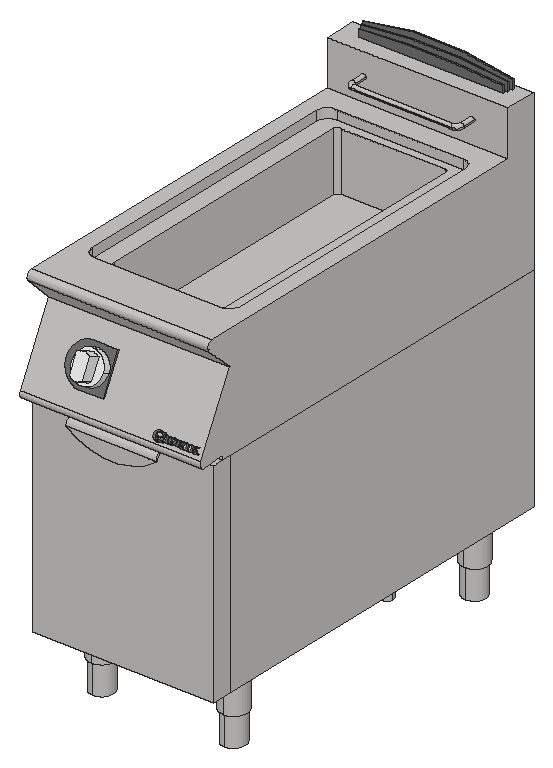
Revit family "QF_GIORIK_FG9417P", category Specialty Equipment, Revit 2014
Parameters (values of type "FG9417P")
  Weight in Pounds = 171.9604
  Watts = 100 W
  Volts = 230 V
  URL Cutsheet = "www.giorik.com"
  URL = "www.giorik.com"
  Status [instance] = ""
  Specification by User [instance] = ""
  Specification by Manufacturer = ""
  Show Logo [instance] = yes
  Show Clearance [instance] = yes
  Serial Number = ""
  Seismic Rating = ""
  SMACNA No = ""
  Revision Code [instance] = ""
  Phase = 1
  Number of Poles [instance] = 1
  NAFEM Spec ID Number = ""
  Model = "FG9417P"
  Min Ckt Ampacity = 0 A
  Mechanical Remarks [instance] = "Natural Gas"
  Mechanical Connection Type [instance] = ""
  Max Overcurrent Protection = 0 A
  Masterspec = ""
  Manufacturer = "GIORIK"
  Item Number [instance] = ""
  Installed By [instance] = ""
  Identify Quantity as Lot [instance] = no
  HP = "0.134102000000"
  Gas Size = 1"
  Gas RI Height [instance] = 0 mm
  Gas KW = 16
  Gas Input = 16000 W
  Gas Connection Height [instance] = 150 mm
  Furnished By [instance] = ""
  Foodservice Equipment Identifier [instance] = yes
  FL Amps = 0 A
  Electrical Remarks [instance] = ""
  Electric Connection Type [instance] = ""
  Elec Conn RI Height [instance] = 0 mm
  Elec Conn Connection Height [instance] = 150 mm
  Description = "17 LITRE GAS FRYER."
  Cycle = 50 Hz
  Conn Plug = ""
  Conn Conduit [instance] = no
  CSI MasterFormat = ""
  Assembly Code = "E1090320"
  Apparent Power = 100 VA
Reference planes
  plane 1 "Back": y = 0
  plane 2: z = 0
  plane 3 "Left": x = 0
  plane 4 "Right": x = 400
  plane 5 "Front": y = -920
  plane 6 "Top": z = 900
Forms (mm)
  Extrusion 1, solid, visible <- "Show Logo"
    sketch origin (196.604, -936.761, 609.486) x (-1, 0, 0) y (0, 0.452718, 0.891654)
      loop
        line (-118.824, 58.358) -> (-127.804, 58.358) -> (-125.523, 56.445) -> (-125.523, 48.027) -> (-127.804, 46.113) -> (-118.824, 46.113) -> (-121.105, 48.027) -> (-121.105, 56.445) -> (-118.824, 58.358)
      loop
        line (-163.721, 58.358) -> (-172.7, 58.358) -> (-170.42, 56.445) -> (-170.42, 48.027) -> (-172.7, 46.113) -> (-163.721, 46.113) -> (-166.001, 48.027) -> (-166.001, 56.445) -> (-163.721, 58.358)
      loop
        line (-174.332, 58.358) -> (-183.312, 58.358) -> (-181.031, 56.445) -> (-181.031, 52.435) -> (-186.419, 56.955) -> (-184.416, 58.358) -> (-191.268, 58.358) -> (-188.01, 56.839) -> (-185.455, 54.283) -> (-190.846, 47.858) -> (-193.396, 46.93) -> (-193.396, 46.113) -> (-184.416, 46.113) -> (-185.437, 47.571) -> (-182.443, 51.552) -> (-181.031, 50.894) -> (-181.031, 48.027) -> (-183.312, 46.113) -> (-174.332, 46.113) -> (-176.613, 48.027) -> (-176.613, 56.445) -> (-174.332, 58.358)
      loop
        line (-115.429, 62.063) -> (-115.429, 54.198)
        arc (-115.429, 54.198) -> (-111.618, 57.803) -> (-106.847, 59.986) r 16.039
        arc (-106.847, 59.986) -> (-103.314, 59.837) -> (-100.512, 57.68) r 5.851
        arc (-100.512, 57.68) -> (-98.815, 52.267) -> (-100.512, 46.853) r 9.479
        arc (-100.512, 46.853) -> (-102.406, 44.986) -> (-104.846, 43.93) r 7.236
        arc (-104.846, 43.93) -> (-107.728, 44.111) -> (-110.052, 45.825) r 5.11
        line (-110.052, 45.825) -> (-110.052, 52.001) -> (-116.141, 52.001) -> (-116.141, 45.503) -> (-117.893, 43.751) -> (-114.094, 44.769)
        arc (-114.094, 44.769) -> (-112.56, 44.947) -> (-111.129, 44.366) r 3.115
        arc (-111.129, 44.366) -> (-104.216, 42.091) -> (-97.303, 44.366) r 11.641
        arc (-97.303, 44.366) -> (-93.396, 52.107) -> (-97.303, 59.849) r 9.622
        arc (-97.303, 59.849) -> (-104.369, 62.174) -> (-111.435, 59.849) r 11.898
        line (-111.435, 59.849) -> (-115.429, 62.063)
      loop
        arc (-129.234, 56.068) -> (-135.893, 58.628) -> (-142.552, 56.068) r 9.941
        arc (-142.552, 56.068) -> (-144.234, 52.286) -> (-142.552, 48.505) r 5.093
        arc (-142.552, 48.505) -> (-135.893, 45.945) -> (-129.234, 48.505) r 9.941
        arc (-129.234, 48.505) -> (-127.552, 52.286) -> (-129.234, 56.068) r 5.093
      loop
        arc (-132.628, 54.403) -> (-135.893, 57.668) -> (-139.158, 54.403) r 3.265
        line (-139.158, 54.403) -> (-139.158, 50.169)
        arc (-139.158, 50.169) -> (-135.893, 46.904) -> (-132.628, 50.169) r 3.265
        line (-132.628, 50.169) -> (-132.628, 54.403)
      loop
        arc (-156.363, 58.365) -> (-159.647, 55.081) -> (-156.363, 51.796) r 3.285
        line (-156.363, 51.796) -> (-159.529, 47.306) -> (-162.087, 46.113) -> (-155.847, 46.113) -> (-153.529, 51.083) -> (-150.637, 51.083) -> (-150.637, 47.784) -> (-153.022, 46.113) -> (-144.011, 46.113) -> (-146.094, 47.68) -> (-146.094, 56.493) -> (-144.229, 58.365) -> (-156.363, 58.365)
      loop
        line (-150.637, 57.512) -> (-153.637, 57.512)
        arc (-153.637, 57.512) -> (-156.237, 54.912) -> (-153.637, 52.312) r 2.6
        line (-153.637, 52.312) -> (-150.637, 52.312) -> (-150.637, 57.512)
      loop
        line (-108.924, 52.001) -> (-104.936, 49.005) -> (-100.948, 52.001) -> (-108.924, 52.001)
    from 1.5 to -0.5
  Extrusion 2, solid
    sketch origin (-16, 1025.81, 0) x (1, 0, 0) y (0, 1, 0)
      loop
        line (25, -1086.81) -> (25, -1156.81) -> (115, -1156.81) -> (115, -1086.81) -> (25, -1086.81)
    from 148 to 150
  Extrusion 3, solid
    sketch origin (-14, 0, 130) x (1, 0, 0) y (0, 1, 0)
      loop
        circle (54, -385) r 12.5
    from 0 to 20
  Extrusion 4, solid
    sketch origin (0, 800, -20) x (0, 1, 0) y (0, 0, 1)
      loop
        line (-800, 989.988) -> (-870, 989.988) -> (-870, 889.988) -> (-1688.806, 889.988)
        arc (-1688.806, 889.988) -> (-1699.151, 883.075) -> (-1696.724, 870.873) r 11.197
        line (-1696.724, 870.873) -> (-1640.876, 815.025) -> (-1718.948, 661.258)
        arc (-1718.948, 661.258) -> (-1718.233, 650.105) -> (-1708.118, 645.354) r 10.981
        line (-1708.118, 645.354) -> (-1660, 649.925) -> (-1660, 640) -> (-800, 640) -> (-800, 989.988)
    from 0 to 400
  Extrusion 5, solid
    sketch origin (0, -200, 599.536) x (1, 0, 0) y (0, 1, 0)
      loop
        line (0, -640) -> (40, -640) -> (40, 160) -> (360, 160) -> (360, -640) -> (400, -640) -> (400, 200) -> (0, 200) -> (0, -640)
    from -449.536 to 20.464
  Extrusion 6, solid
    sketch origin (0, -200, 0) x (1, 0, 0) y (0, 1, 0)
      loop
        line (40, 160) -> (40, -640) -> (360, -640) -> (360, 160) -> (40, 160)
    from 150 to 190
  Extrusion 7, solid
    sketch origin (-16, 360.81, 0) x (1, 0, 0) y (0, 1, 0)
      loop
        line (25, -1086.81) -> (25, -1156.81) -> (115, -1156.81) -> (115, -1086.81) -> (25, -1086.81)
    from 148 to 150
  Revolve 8, solid
    sketch origin (54, 360.81, 0) x (0, 1, 0) y (0, 0, 1)
      loop
        line (-1092.56, 66) -> (-1092.56, 148) -> (-1121.81, 148) -> (-1121.81, 0) -> (-1096.81, 0) -> (-1096.81, 66) -> (-1092.56, 66)
      axis (-1121.81, 0) -> (-1121.81, 148)
    angle from 0 to 360
  Revolve 9, solid
    sketch origin (54, 1025.81, 0) x (0, 1, 0) y (0, 0, 1)
      loop
        line (-1092.56, 66) -> (-1092.56, 148) -> (-1121.81, 148) -> (-1121.81, 0) -> (-1096.81, 0) -> (-1096.81, 66) -> (-1092.56, 66)
      axis (-1121.81, 0) -> (-1121.81, 148)
    angle from 0 to 360
  Extrusion 10, solid
    sketch origin (416, 360.81, 0) x (-1, 0, 0) y (0, -1, 0)
      loop
        line (25, 1086.81) -> (115, 1086.81) -> (115, 1156.81) -> (25, 1156.81) -> (25, 1086.81)
    from 148 to 150
  Revolve 11, solid
    sketch origin (346, 360.81, 0) x (0, 1, 0) y (0, 0, -1)
      loop
        line (-1092.56, -66) -> (-1096.81, -66) -> (-1096.81, 0) -> (-1121.81, 0) -> (-1121.81, -148) -> (-1092.56, -148) -> (-1092.56, -66)
      axis (-1121.81, 0) -> (-1121.81, -148)
    angle from 0 to 360
  Extrusion 12, solid
    sketch origin (416, -1217.81, 0) x (-1, 0, 0) y (0, -1, 0)
      loop
        line (25, -1086.81) -> (25, -1156.81) -> (115, -1156.81) -> (115, -1086.81) -> (25, -1086.81)
    from 148 to 150
  Revolve 13, solid
    sketch origin (346, -1217.81, 0) x (0, -1, 0) y (0, 0, 1)
      loop
        line (-1092.56, 66) -> (-1092.56, 148) -> (-1121.81, 148) -> (-1121.81, 0) -> (-1096.81, 0) -> (-1096.81, 66) -> (-1092.56, 66)
      axis (-1121.81, 0) -> (-1121.81, 148)
    angle from 0 to 360
  Extrusion 14, solid
    sketch origin (-293.221, -1163.345, 52.363) x (1, 0, 0) y (0, 0.452718, 0.891654)
      loop
        line (463.221, 676.25) -> (463.221, 766.25) -> (409.698, 766.25)
        arc (409.698, 766.25) -> (364.698, 721.25) -> (409.698, 676.25) r 45
        line (409.698, 676.25) -> (463.221, 676.25)
    from 48 to 50
  Extrusion 15, solid
    sketch origin (481.331, -1208.697, 74.959) x (-1, 0, 0) y (0, -0.45351, -0.891251)
      loop
        circle (351.331, -721.346) r 35
    from 0 to 15
  Extrusion 16, solid
    sketch origin (481.331, -1208.697, 74.959) x (-1, 0, 0) y (0, -0.45351, -0.891251)
      loop
        arc (336.331, -743.846) -> (351.331, -748.846) -> (366.331, -743.846) r 25
        line (366.331, -743.846) -> (366.331, -698.846)
        arc (366.331, -698.846) -> (351.331, -693.846) -> (336.331, -698.846) r 25
        line (336.331, -698.846) -> (336.331, -743.846)
    from 15 to 40
  Extrusion 17, solid
    sketch origin (-94, 0, 59.999) x (1, 0, 0) y (0, 0, 1)
      loop
        line (135, 909.989) -> (453, 909.989) -> (453, 925.527) -> (347.056, 931.749) -> (240.944, 931.749) -> (135, 925.527) -> (135, 909.989)
    from 32 to 35
  Extrusion 18, solid
    sketch origin (-92, 10, 59.999) x (1, 0, 0) y (0, 0, 1)
      loop
        line (454, 909.989) -> (454, 928.527) -> (346.162, 939.193) -> (237.838, 939.193) -> (130, 928.527) -> (130, 909.989) -> (454, 909.989)
    from 32 to 35
  Extrusion 19, solid
    sketch origin (-90, 20, 59.999) x (1, 0, 0) y (0, 0, 1)
      loop
        line (455, 909.989) -> (455, 930.527) -> (345.396, 947.413) -> (234.604, 947.413) -> (125, 930.527) -> (125, 909.989) -> (455, 909.989)
    from 32 to 35
  Extrusion 20, void
    sketch origin (0, -200, 819.988) x (0, 1, 0) y (-1, 0, 0)
      loop
        arc (80, -60) -> (72.678, -42.322) -> (55, -35) r 25
        line (55, -35) -> (-565.002, -35)
        arc (-565.002, -35) -> (-582.68, -42.322) -> (-590.002, -60) r 25
        line (-590.002, -60) -> (-590.002, -340)
        arc (-590.002, -340) -> (-582.68, -357.678) -> (-565.002, -365) r 25
        line (-565.002, -365) -> (55, -365)
        arc (55, -365) -> (72.678, -357.678) -> (80, -340) r 25
        line (80, -340) -> (80, -60)
    from -100 to 50
  Extrusion 21, solid
    sketch origin (0, -200, 900) x (0, 1, 0) y (-1, 0, 0)
      loop
        arc (80, -60) -> (72.678, -42.322) -> (55, -35) r 25
        line (55, -35) -> (-565.002, -35)
        arc (-565.002, -35) -> (-582.68, -42.322) -> (-590.002, -60) r 25
        line (-590.002, -60) -> (-590.002, -340)
        arc (-590.002, -340) -> (-582.68, -357.678) -> (-565.002, -365) r 25
        line (-565.002, -365) -> (55, -365)
        arc (55, -365) -> (72.678, -357.678) -> (80, -340) r 25
        line (80, -340) -> (80, -60)
      loop
        arc (60, -85.011) -> (57.071, -77.94) -> (50, -75.011) r 10
        line (50, -75.011) -> (-555.002, -75.011)
        arc (-555.002, -75.011) -> (-562.073, -77.94) -> (-565.002, -85.011) r 10
        line (-565.002, -85.011) -> (-565.002, -315)
        arc (-565.002, -315) -> (-562.073, -322.071) -> (-555.002, -325) r 10
        line (-555.002, -325) -> (50, -325)
        arc (50, -325) -> (57.071, -322.071) -> (60, -315) r 10
        line (60, -315) -> (60, -85.011)
    from -180.012 to -50
  Extrusion 22, solid
    sketch origin (0, -925, 0) x (1, 0, 0) y (0, 0, 1)
      loop
        line (0, 620) -> (0, 150) -> (400, 150) -> (400, 620) -> (0, 620)
    from -85 to -40
  Extrusion 23, solid
    sketch origin (0, -925, -20.1) x (0, 1, 0) y (0, 0, 1)
      loop
        arc (25, 640.1) -> (14.393, 635.707) -> (10, 625.1) r 15
        line (10, 625.1) -> (12, 625.1)
        arc (12, 625.1) -> (15.808, 634.292) -> (25, 638.1) r 13
        line (25, 638.1) -> (40, 638.1) -> (40, 640.1) -> (25, 640.1)
    from 97.5 to 297.5
  Extrusion 24, solid
    sketch origin (0, -924.905, -20.1) x (1, 0, 0) y (0, 0, 1)
      loop
        arc (97.5, 625.1) -> (197.5, 590.089) -> (297.5, 625.1) r 160.316
        line (297.5, 625.1) -> (97.5, 625.1)
    from -11.905 to -9.905
  Extrusion 25, solid, visible <- "Show Clearance", detail levels coarse
    sketch origin (395, -925, 0) x (-1, 0, 0) y (0, -1, 0)
      loop
        line (-5, -40) -> (395, -40)
        arc (395, -40) -> (277.534, 241.069) -> (-5, 354.968) r 395
        line (-5, 354.968) -> (-5, -40)
    from 150 to 620
  Extrusion 26, solid
    sketch origin (0, 0, 100) x (0, 1, 0) y (-1, 0, 0)
      loop
        circle (-380, -380) r 12.5
    from 30 to 50
  Sweep 27, solid
    path origin (0, 0, 919.988) x (0, 1, 0) y (-1, 0, 0)
      loop
        line (-70, -80) -> (-100, -80)
        arc (-100, -80) -> (-107.071, -82.929) -> (-110, -90) r 10
        line (-110, -90) -> (-110, -310)
        arc (-110, -310) -> (-107.071, -317.071) -> (-100, -320) r 10
        line (-100, -320) -> (-70, -320)
    profile origin (80, -85, 919.988) x (1, 0, 0) y (0, 0, 1)
      loop
        circle (0, 0) r 5
Cuts and joins
  Extrusion 20 cuts Extrusion 4
Lines and regions (mm)
  symbolic lines, style "200-EquipBorder-2D"
    curve 1: line (0, -920, 0) -> (400, -920, 0)
    curve 2: line (400, -920, 0) -> (400, 0, 0)
    curve 3: line (400, 0, 0) -> (0, 0, 0)
    curve 4: line (0, 0, 0) -> (0, -920, 0)
  symbolic lines, style "200-EquipInternal-2D"
    curve 5: line (35, -12, 900) -> (365, -12, 900)
    curve 6: line (365, -12, 900) -> (365, -15, 900)
    curve 7: line (365, -15, 900) -> (35, -15, 900)
    curve 8: line (35, -15, 900) -> (35, -12, 900)
    curve 9: line (38, -22, 900) -> (362, -22, 900)
    curve 10: line (362, -22, 900) -> (362, -25, 900)
    curve 11: line (362, -25, 900) -> (38, -25, 900)
    curve 12: line (38, -25, 900) -> (38, -22, 900)
    curve 13: line (41, -32, 900) -> (359, -32, 900)
    curve 14: line (359, -32, 900) -> (359, -35, 900)
    curve 15: line (359, -35, 900) -> (41, -35, 900)
    curve 16: line (41, -35, 900) -> (41, -32, 900)
    curve 17: line (340, -120, 900) -> (60, -120, 900)
    curve 18: arc (60, -120, 900) -> (42.322, -127.322, 900) -> (35, -145, 900) r 25
    curve 19: line (35, -145, 900) -> (35, -765, 900)
    curve 20: arc (365, -145, 900) -> (357.678, -127.322, 900) -> (340, -120, 900) r 25
    curve 21: arc (340, -790, 900) -> (356.212, -784.031, 900) -> (364.682, -768.975, 900) r 25
    curve 22: line (60, -790, 900) -> (340, -790, 900)
    curve 23: arc (35, -765, 900) -> (42.322, -782.678, 900) -> (60, -790, 900) r 25
    curve 24: line (365, -765.002, 900) -> (365, -145, 900)
    curve 27: line (85, -140, 900) -> (315, -140, 900)
    curve 28: line (325, -150, 900) -> (325, -755.002, 900)
    curve 29: line (75, -755.002, 900) -> (75, -150, 900)
    curve 30: line (315, -765.002, 900) -> (85, -765.002, 900)
    curve 31: arc (85, -140, 900) -> (77.929, -142.929, 900) -> (75, -150, 900) r 10
    curve 32: arc (315, -140, 900) -> (322.071, -142.929, 900) -> (325, -150, 900) r 10
    curve 33: arc (75, -755.002, 900) -> (77.929, -762.073, 900) -> (85, -765.002, 900) r 10
    curve 34: arc (315, -765.002, 900) -> (322.071, -762.073, 900) -> (325, -755.002, 900) r 10
    curve 35: line (80, -70, 900) -> (80, -99.667, 900)
    curve 36: line (90, -100, 900) -> (90, -70, 900)
    curve 37: line (94.989, -104.989, 900) -> (315.27, -104.989, 900)
    curve 38: line (320.032, -100.227, 900) -> (320.032, -70, 900)
    curve 39: line (330.032, -70, 900) -> (330.032, -100.301, 900)
    curve 40: line (315.333, -115, 900) -> (95.333, -115, 900)
    curve 41: arc (95.333, -115, 900) -> (84.491, -110.509, 900) -> (80, -99.667, 900) r 15.333
    curve 42: arc (90, -100, 900) -> (91.461, -103.528, 900) -> (94.989, -104.989, 900) r 4.989
    curve 43: arc (315.333, -115, 900) -> (325.727, -110.695, 900) -> (330.032, -100.301, 900) r 14.699
    curve 44: arc (320.032, -100.227, 900) -> (318.637, -103.594, 900) -> (315.27, -104.989, 900) r 4.762
    curve 45: line (0, -70, 900) -> (400, -70, 900)
  symbolic lines, style "QF_Door-Drawer Clearances", visible <- "Show Clearance", detail levels coarse
    curve 25: arc (400, -1279.968, 0) -> (130.204, -1178.101, 0) -> (1.554, -920, 0) r 395
    curve 26: line (400, -920, 0) -> (400, -1279.968, 0)
Dimensions and locks
  plane 3 "Left" to plane 4 "Right" = 400 mm
  plane 5 "Front" to plane 1 "Back" = 920 mm
  plane 4 "Right" to plane 3 "Left" = 400 mm
  plane 1 "Back" to plane 5 "Front" = 920 mm
  plane 6 "Top" to level = 900 mm  (x2)
  aligned and locked: level to plane 2
Connectors
  electrical at (380, -380, 130), driven by "Apparent Power", driven by "Volts", driven by "Number of Poles"
    settings: on Extrusion 26, index 1, voltage 230 V, apparent load 0 VA, apparent load phase1 100 VA, apparent load phase2 0 VA, apparent load phase3 0 VA, power factor 1, load classification "Other", number of poles 1, system type 31, power factor state 1, is connector primary yes, connector utility no, sub classification motor no, connector description "Electrical connection"
  piping at (40, -385, 130), diameter 25.4, driven by "Gas Size"
    settings: on Extrusion 3, index 2, connector inside diameter 24", connector length 0 mm, flow factor 0, pipe flow 0.0 L/s, pressure drop 0.0 Pa, fitting loss kfactor 0, connector angle 0.00°, fixture units 0, engagement length 0 mm, angle of deflection 0.00°, flow configuration 1, flow direction 1, fitting loss method 0, system type 22, joint type 0, gender type 0, connector reference index -1, connector utility 0, adjustable connector no, is connector primary yes, connector description "Gas inlet"
